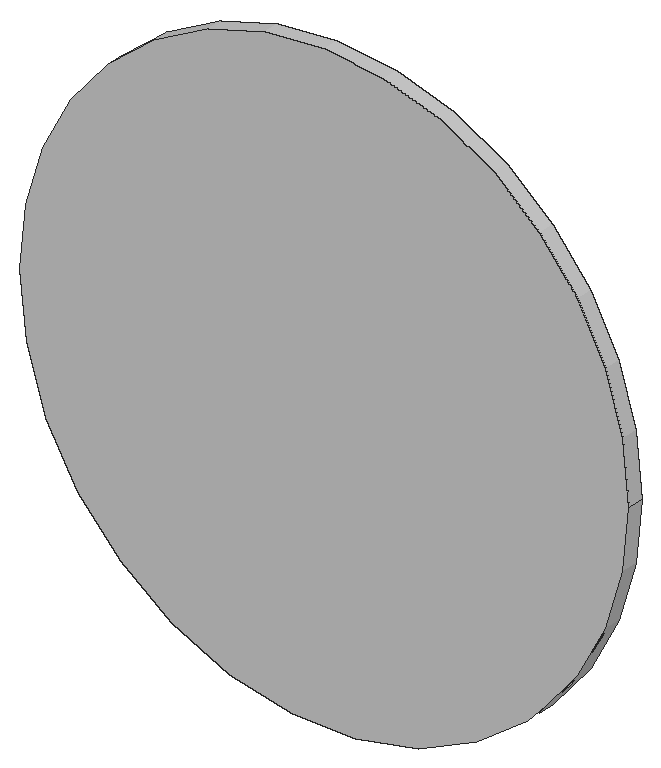
Revit family
Parameters
  Sign Thickness = 2 mm
  Sign Radius = 37.5 mm
  Height = 1500 mm
Reference planes
  plane 1 "Center (Front/Back)": y = -198
  plane 2: z = 0
  plane 3 "Center (Left/Right)": x = 0
  plane 4: z = 1500
  plane 5: y = -196
Forms (mm)
  Extrusion 1, solid, material "Metal - Stainless Steel"
    sketch origin (0, -198, 0) x (1, 0, 0) y (0, 0, 1)
      loop
        circle (0, 1500) r 37.5
    from 0 to -2
Lines and regions (mm)
  model lines, style "Signage"
    curve 1: line (19.72, -198, 1524.457) -> (21.38, -198, 1522.065)
    curve 2: line (21.38, -198, 1522.065) -> (8.584, -198, 1512.868)
    curve 3: line (8.584, -198, 1512.868) -> (6.996, -198, 1515.093)
    curve 4: line (6.996, -198, 1515.093) -> (-12.171, -198, 1491.81)
    curve 5: line (-12.171, -198, 1491.81) -> (-9.674, -198, 1490.739)
    curve 6: line (-9.674, -198, 1490.739) -> (-15.645, -198, 1476.156)
    curve 7: line (-15.645, -198, 1476.156) -> (-17.318, -198, 1476.156)
    curve 8: line (-17.318, -198, 1476.156) -> (-21.668, -198, 1477.827)
    curve 9: line (25.159, -198, 1516.619) -> (12.014, -198, 1507.497)
    curve 10: line (12.014, -198, 1507.497) -> (9.449, -198, 1511.195)
    curve 11: line (9.449, -198, 1511.195) -> (22.594, -198, 1520.316)
    curve 12: line (22.594, -198, 1520.316) -> (25.159, -198, 1516.619)
    curve 13: line (-9.889, -198, 1473.421) -> (-3.582, -198, 1488.126)
    curve 14: line (-3.582, -198, 1488.126) -> (-7.718, -198, 1489.9)
    curve 15: line (-7.718, -198, 1489.9) -> (-14.025, -198, 1475.195)
    curve 16: line (-14.025, -198, 1475.195) -> (-9.889, -198, 1473.421)
    curve 17: arc (-22.672, -198, 1484.515) -> (-11.967, -198, 1509.331) -> (8.783, -198, 1526.647) r 58.267
    curve 18: arc (-21.668, -198, 1477.827) -> (-22.714, -198, 1481.09) -> (-22.672, -198, 1484.515) r 10.678
    curve 19: arc (8.783, -198, 1526.647) -> (14.626, -198, 1527.422) -> (19.72, -198, 1524.457) r 9.108
  symbolic lines, style "2D Signage Placement Lines"
    curve 20: line (-150, -196, 0) -> (150, -196, 0)
    curve 21: line (0, -196, 0) -> (0, -346, 0)
Dimensions and locks
  "Height": plane 4 to level
  "Sign Thickness": plane 1 "Center (Front/Back)" to plane 5
  "Sign Radius": radius of Extrusion 1 sketch curve
  aligned and locked: Extrusion 1 to plane 5
  aligned and locked: plane 1 "Center (Front/Back)" to Extrusion 1
Automatic sketch dimensions
  Extrusion 1 sketch curve to plane 3 "Center (Left/Right)" = 0 mm
  Extrusion 1 sketch curve to plane 4 = 0 mm
  curve 17 to plane 3 "Center (Left/Right)" = 22.672 mm
  curve 18 to curve 17 = 0 mm
  curve 17 to curve 18 = 1.004 mm
  curve 8 to curve 7 = 4.35 mm
  curve 7 to curve 7 = 1.673 mm
  curve 6 to curve 15 = 1.62 mm
  curve 4 to plane 3 "Center (Left/Right)" = 12.171 mm
  curve 6 to curve 18 = 3.49 mm
  curve 15 to curve 16 = 4.136 mm
  curve 4 to curve 6 = 2.497 mm
  curve 5 to curve 14 = 1.956 mm
  plane 3 "Center (Left/Right)" to curve 4 = 6.996 mm
  curve 3 to curve 2 = 1.589 mm
  plane 3 "Center (Left/Right)" to curve 17 = 8.783 mm
  curve 19 to curve 17 = 0 mm
  curve 2 to curve 11 = 0.864 mm
  curve 10 to plane 4 = 7.497 mm
  curve 10 to curve 10 = 2.565 mm
  curve 3 to curve 19 = 5.842 mm
  curve 1 to curve 11 = 1.214 mm
  plane 4 to curve 17 = 25.527 mm
  curve 13 to curve 16 = 1.774 mm
  curve 15 to curve 8 = 0.96 mm
  curve 7 to curve 18 = 1.672 mm
  curve 14 to curve 5 = 0.839 mm
  curve 5 to curve 4 = 1.071 mm
  curve 9 to curve 11 = 3.697 mm
  curve 10 to curve 3 = 1.673 mm
  curve 2 to curve 4 = 2.225 mm
  curve 3 to curve 19 = 3.398 mm
  curve 11 to curve 1 = 1.749 mm
  level to curve 1 = 1524.457 mm
  curve 19 to curve 1 = 6.882 mm
  curve 19 to curve 2 = 1.66 mm
  curve 20 to plane 5 = 0 mm
  curve 21 to plane 3 "Center (Left/Right)" = 0 mm
  curve 20 to curve 21 = 150 mm
  plane 3 "Center (Left/Right)" to curve 20 = 150 mm
  plane 1 "Center (Front/Back)" to curve 21 = 148 mm
